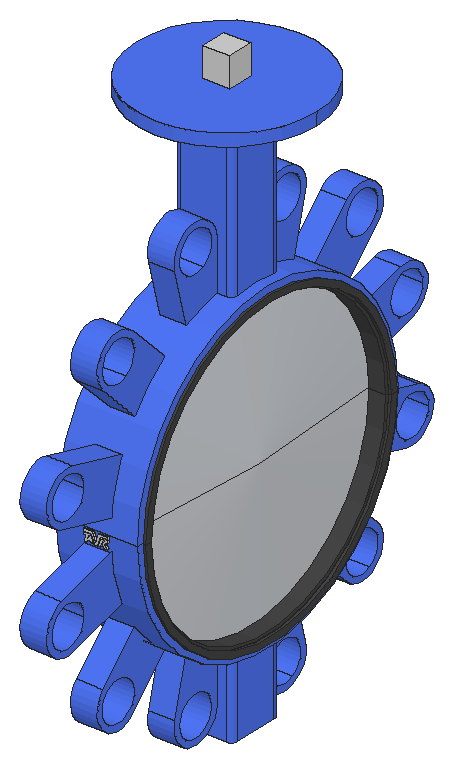
Revit family "820-10-028-DN200-300", category Pipe Accessories, Revit 2022
Family settings
  Round Connector Dimension = Use Diameter
  Part Type = Valve - Breaks Into
  Work Plane-Based = No
  Always vertical = Yes
  Cut with Voids When Loaded = No
  Shared = No
Parameters (values of type "DN250_PN10")
  fillet = 2 * Body_wallthickness  # 20 mm
  disk = LUG_T * 0.7  # 19.04 mm
  Rubber_r = (Body_wallthickness / 2) + ID  # 130 mm
  Rubber_ID = ID - 2 mm  # 123 mm
  Lug_D1 = Lug_D * 1.75  # 38.5 mm
  W2_ref = size_lookup(Search_table, "W2", 0 mm, DN)  # 279 mm
  URL product pages = "https://www.avkvalves.com/P.aspx?no=820008010521L0160002"
  Search_table = "820-10-028-DN200-300"
  PCD = size_lookup(Search_table, "PCD", 0 mm, DN) / 2  # 192.5 mm
  Lug_D = size_lookup(Search_table, "Lug_D", 0 mm, DN)  # 22 mm
  L_ref_3 = L_ref / 1.2  # 40 mm
  L_ref_2 = L_ref * 2  # 96 mm
  L_ref = L - (Flange_thickness * 2)  # 48 mm
  LUG_T = L * 0.4  # 27.2 mm
  L2 = size_lookup(Search_table, "L2", 0 mm, DN) / 2  # 201 mm
  L = size_lookup(Search_table, "L", 0 mm, DN)  # 68 mm
  ID = DN / 2  # 125 mm
  Hole_dia = size_lookup(Search_table, "Hole_dia", 0 mm, DN)  # 34 mm
  H2 = size_lookup(Search_table, "H2", 0 mm, DN)  # 199 mm
  Flange_thickness = size_lookup(Search_table, "Flange_Thickness", 0 mm, DN)  # 10 mm
  F2 = size_lookup(Search_table, "F2", 0 mm, DN)  # 24 mm
  F = size_lookup(Search_table, "F", 0 mm, DN)  # 22 mm
  EPDM = ID - 1 mm  # 124 mm
  Description_ = "AVK CENTRIC LUG BUTTERFLY VALVE, PN10/16"
  Default Elevation = 0 mm
  DN300_PN16 = "820-0300-10-521L0160002"
  DN300_PN10 = "820-0300-10-521L0030002"
  DN250_PN16 = "820-0250-10-521L0160002"
  DN250_PN10 = "820-0250-10-521L0030002"
  DN200_PN16 = "820-0200-10-521L0160002"
  DN200_PN10 = "820-0200-10-521L0030002"
  DN = 250 mm
  Cut = DN - 2 mm  # 248 mm
  Bore = DN / 2  # 125 mm
  Body_wallthickness = 10 mm  # constant formula
  Actuator_Dia = size_lookup(Search_table, "Actuator_Dia", 0 mm, DN)  # 150 mm
  3 = 3 mm  # constant formula
Types (7, lengths in mm): name | disk | Rubber_r | Rubber_ID | Lug_D1 | W2_ref | PCD | Lug_D | L_ref_3 | L_ref_2 | L_ref | LUG_T | L2 | L | ID | Hole_dia | H2 | F2 | F | EPDM | DN | Cut | Bore | Actuator_Dia
  (no name) | 19.04 | 130 | 123 | 38.5 | 279 | 192.5 | 22 | 40 | 96 | 48 | 27.2 | 201 | 68 | 125 | 34 | 199 | 24 | 22 | 124 | 250 | 248 | 125 | 150
  DN200_PN10 | 16.8 | 105 | 98 | 35 | 240 | 160 | 20 | 33.333 | 80 | 40 | 24 | 166 | 60 | 100 | 31 | 161 | 19 | 17 | 99 | 200 | 198 | 100 | 90
  DN200_PN16 | 16.8 | 105.05 | 98.05 | 35 | 240 | 160 | 20 | 33.333 | 80 | 40 | 24 | 166 | 60 | 100.05 | 31 | 161 | 19 | 17 | 99.05 | 200.1 | 198.1 | 100.05 | 90
  DN250_PN10 | 19.04 | 130 | 123 | 38.5 | 279 | 192.5 | 22 | 40 | 96 | 48 | 27.2 | 201 | 68 | 125 | 34 | 199 | 24 | 22 | 124 | 250 | 248 | 125 | 150
  DN250_PN16 | 19.04 | 130.05 | 123.05 | 38.5 | 279 | 192.5 | 22 | 40 | 96 | 48 | 27.2 | 201 | 68 | 125.05 | 34 | 199 | 24 | 22 | 124.05 | 250.1 | 248.1 | 125.05 | 150
  DN300_PN10 | 21.84 | 155 | 148 | 40.25 | 315 | 225 | 23 | 48.333 | 116 | 58 | 31.2 | 236 | 78 | 150 | 34 | 234 | 24 | 22 | 149 | 300 | 298 | 150 | 150
  DN300_PN16 | 21.84 | 155.05 | 148.05 | 40.25 | 315 | 225 | 23 | 48.333 | 116 | 58 | 31.2 | 236 | 78 | 150.05 | 34 | 234 | 24 | 22 | 149.05 | 300.1 | 298.1 | 150.05 | 150
Reference planes
  plane 1 "Center (Front/Back)": y = 0
  plane 2: z = 0
  plane 3 "Center (Left/Right)": x = 0
  plane 4: z = 279
  plane 5: z = -199
  plane 6: y = 24
  plane 7: x = -24
  plane 8: y = -24
  plane 9: x = 24
  plane 10: x = -19
  plane 11: x = 19
  plane 12: y = -19
  plane 13: y = -19
  plane 14: x = -19
  plane 15: x = 19
  plane 16: y = 19
  plane 17: y = 19
  plane 18: z = 303
  plane 19: z = 125
  plane 20: z = -125
  plane 21: y = -201
  plane 22: y = 201
  plane 23: x = -34
  plane 24: x = 34
  plane 25: x = -13.6
  plane 26: x = 13.6
  plane 27: x = -11
  plane 28: x = 11
  plane 29: through (0, 0, 0) normal (0, 0.5, 0.866)
  plane 30: through (0, 0, 0) normal (0, 0.7071, 0.7071)
  plane 31: through (0, 0, 0) normal (0, 0.866, 0.5)
  plane 32: through (0, 0, 0) normal (0, 0.5, -0.866)
  plane 33: through (0, 0, 0) normal (0, 0.7071, -0.7071)
  plane 34: through (0, 0, 0) normal (0, 0.866, -0.5)
  plane 35: through (0, 0, 0) normal (0, 0.9659, -0.2588)
  plane 36: through (0, 0, 0) normal (0, 0.2588, 0.9659)
  plane 37: through (0, 0, 0) normal (0, -0.2588, 0.9659)
  plane 38: through (0, 0, 0) normal (0, 0.9659, 0.2588)
  plane 39: through (0, 0, 0) normal (0, 0.2588, 0.9659)
  plane 40: through (0, 0, 0) normal (0, 0.7071, 0.7071)
  plane 41: through (0, 0, 0) normal (0, 0.9659, 0.2588)
  plane 42: through (0, 0, 0) normal (0, 0.2588, -0.9659)
  plane 43: through (0, 0, 0) normal (0, 0.7071, -0.7071)
  plane 44: through (0, 0, 0) normal (0, 0.9659, -0.2588)
  plane 45: through (0, 0, 0) normal (0, -0.2588, 0.9659)
  plane 46: through (0, 0, 0) normal (0, -0.7071, 0.7071)
  plane 47: through (0, 0, 0) normal (0, -0.9659, 0.2588)
  plane 48: through (0, 0, 0) normal (0, -0.2588, -0.9659)
  plane 49: through (0, 0, 0) normal (0, -0.7071, -0.7071)
  plane 50: through (0, 0, 0) normal (0, -0.9659, -0.2588)
  plane 51: x = -75
  plane 52: x = 75
Forms (mm)
  Revolve 1, solid, material "Plastic"
    sketch origin (0, 0, 0) x (1, 0, 0) y (0, 1, 0)
      loop
        line (-34, 135) -> (-34, 125) -> (34, 125) -> (34, 135) -> (-34, 135)
      axis (-34, 0) -> (34, 0)
    angle from 0 to 360
  Extrusion 2, solid, material "Plastic"
    sketch origin (0, 0, 0) x (1, 0, 0) y (0, 1, 0)
      loop
        arc (-19, 24) -> (-22.536, 22.536) -> (-24, 19) r 5
        line (-24, 19) -> (-24, -19)
        arc (-24, -19) -> (-22.536, -22.536) -> (-19, -24) r 5
        line (-19, -24) -> (19, -24)
        arc (19, -24) -> (22.536, -22.536) -> (24, -19) r 5
        line (24, -19) -> (24, 19)
        arc (24, 19) -> (22.536, 22.536) -> (19, 24) r 5
        line (19, 24) -> (-19, 24)
    from -199 to 269
  Extrusion 3, solid, material "Plastic"
    sketch origin (0, 0, 0) x (1, 0, 0) y (0, 1, 0)
      loop
        circle (0, 0) r 75
    from 269 to 279
  Extrusion 4, solid, material "Stainless Steel AISI 304"
    sketch origin (0, 0, 0) x (1, 0, 0) y (0, 1, 0)
      loop
        line (-11, 11) -> (-11, -11) -> (11, -11) -> (11, 11) -> (-11, 11)
    from 279 to 303
  Revolve 5, void
    sketch origin (0, 0, 0) x (1, 0, 0) y (0, 1, 0)
      loop
        line (-34, 125) -> (-34, 0) -> (34, 0) -> (34, 125) -> (-34, 125)
      axis (-34, 0) -> (34, 0)
    angle from 0 to 360
  Extrusion 6, solid, material "Plastic"
    sketch origin (0, 0, 0) x (0, 1, 0) y (0, 0, 1)
      loop
        line (5.694, 21.25) -> (-173.306, 69.213)
        arc (-173.306, 69.213) -> (-200.25, 53.657) -> (-184.694, 26.713) r 22
        line (-184.694, 26.713) -> (-5.694, -21.25) -> (5.694, 21.25)
      loop
        circle (-179, 47.963) r 17
    from -11 to 11
  Extrusion 7, solid, material "Plastic"
    sketch origin (0, 0, 0) x (0, 0.5, -0.866025) y (0, 0.866025, 0.5)
      loop
        line (5.694, -21.25) -> (-5.694, 21.25) -> (-178.595, -25.078)
        arc (-178.595, -25.078) -> (-194.151, -52.023) -> (-167.207, -67.579) r 22
        line (-167.207, -67.579) -> (5.694, -21.25)
      loop
        circle (-172.901, -46.329) r 17
    from -11 to 11
  Extrusion 8, solid, material "Plastic"
    sketch origin (0, 0, 0) x (0, 0.5, -0.866025) y (0, 0.866025, 0.5)
      loop
        line (5.694, 21.25) -> (-167.207, 67.579)
        arc (-167.207, 67.579) -> (-194.151, 52.023) -> (-178.595, 25.078) r 22
        line (-178.595, 25.078) -> (-5.694, -21.25) -> (5.694, 21.25)
      loop
        circle (-172.901, 46.329) r 17
    from -11 to 11
  Extrusion 9, solid, material "Plastic"
    sketch origin (0, 0, 0) x (0, -1, 0) y (0, 0, -1)
      loop
        line (5.694, -21.25) -> (-5.694, 21.25) -> (-178.595, -25.078)
        arc (-178.595, -25.078) -> (-194.151, -52.023) -> (-167.207, -67.579) r 22
        line (-167.207, -67.579) -> (5.694, -21.25)
      loop
        circle (-172.901, -46.329) r 17
    from -11 to 11
  Extrusion 10, solid, material "Plastic"
    sketch origin (0, 0, 0) x (0, -0.5, -0.866025) y (0, 0.866025, -0.5)
      loop
        line (5.694, 21.25) -> (-167.207, 67.579)
        arc (-167.207, 67.579) -> (-194.151, 52.023) -> (-178.595, 25.078) r 22
        line (-178.595, 25.078) -> (-5.694, -21.25) -> (5.694, 21.25)
      loop
        circle (-172.901, 46.329) r 17
    from -11 to 11
  Extrusion 11, solid, material "Plastic"
    sketch origin (0, 0, 0) x (0, -0.5, -0.866025) y (0, 0.866025, -0.5)
      loop
        line (5.694, -21.25) -> (-5.694, 21.25) -> (-178.595, -25.078)
        arc (-178.595, -25.078) -> (-194.151, -52.023) -> (-167.207, -67.579) r 22
        line (-167.207, -67.579) -> (5.694, -21.25)
      loop
        circle (-172.901, -46.329) r 17
    from -11 to 11
  Extrusion 12, solid, material "Plastic"
    sketch origin (0, 0, 0) x (0, 1, 0) y (0, 0, 1)
      loop
        line (5.694, -21.25) -> (-5.694, 21.25) -> (-184.694, -26.713)
        arc (-184.694, -26.713) -> (-200.25, -53.657) -> (-173.306, -69.213) r 22
        line (-173.306, -69.213) -> (5.694, -21.25)
      loop
        circle (-179, -47.963) r 17
    from -11 to 11
  Extrusion 13, solid, material "Plastic"
    sketch origin (0, 0, 0) x (0, 0.5, 0.866025) y (0, -0.866025, 0.5)
      loop
        line (5.694, 21.25) -> (-167.207, 67.579)
        arc (-167.207, 67.579) -> (-194.151, 52.023) -> (-178.595, 25.078) r 22
        line (-178.595, 25.078) -> (-5.694, -21.25) -> (5.694, 21.25)
      loop
        circle (-172.901, 46.329) r 17
    from -11 to 11
  Extrusion 14, solid, material "Plastic"
    sketch origin (0, 0, 0) x (0, 0.5, 0.866025) y (0, -0.866025, 0.5)
      loop
        line (5.694, -21.25) -> (-5.694, 21.25) -> (-178.595, -25.078)
        arc (-178.595, -25.078) -> (-194.151, -52.023) -> (-167.207, -67.579) r 22
        line (-167.207, -67.579) -> (5.694, -21.25)
      loop
        circle (-172.901, -46.329) r 17
    from -11 to 11
  Extrusion 15, solid, material "Plastic"
    sketch origin (0, 0, 0) x (0, -1, 0) y (0, 0, -1)
      loop
        line (5.694, 21.25) -> (-173.306, 69.213)
        arc (-173.306, 69.213) -> (-200.25, 53.657) -> (-184.694, 26.713) r 22
        line (-184.694, 26.713) -> (-5.694, -21.25) -> (5.694, 21.25)
      loop
        circle (-179, 47.963) r 17
    from -11 to 11
  Extrusion 16, solid, material "Plastic"
    sketch origin (0, 0, 0) x (0, -0.5, 0.866025) y (0, -0.866025, -0.5)
      loop
        line (5.694, -21.25) -> (-5.694, 21.25) -> (-178.595, -25.078)
        arc (-178.595, -25.078) -> (-194.151, -52.023) -> (-167.207, -67.579) r 22
        line (-167.207, -67.579) -> (5.694, -21.25)
      loop
        circle (-172.901, -46.329) r 17
    from -11 to 11
  Extrusion 17, solid, material "Plastic"
    sketch origin (0, 0, 0) x (0, -0.5, 0.866025) y (0, -0.866025, -0.5)
      loop
        line (5.694, 21.25) -> (-167.207, 67.579)
        arc (-167.207, 67.579) -> (-194.151, 52.023) -> (-178.595, 25.078) r 22
        line (-178.595, 25.078) -> (-5.694, -21.25) -> (5.694, 21.25)
      loop
        circle (-172.901, 46.329) r 17
    from -11 to 11
  Extrusion 18, void
    sketch origin (0, 0, 0) x (0, -1, 0) y (0, 0, 1)
      loop
        circle (0, 0) r 124
    from -34 to 34
  Revolve 19, solid
    sketch origin (0, 0, 0) x (1, 0, 0) y (0, 1, 0)
      loop
        line (-27.2, 0) -> (27.2, 0)
        arc (27.2, 0) -> (25.799, 62.675) -> (19.04, 125) r 732.011
        line (19.04, 125) -> (-19.04, 125)
        arc (-19.04, 125) -> (-25.799, 62.675) -> (-27.2, 0) r 732.011
      axis (-27.2, 0) -> (27.2, 0)
    angle from 0 to 360
  Revolve 20, solid, material "Default Wall"
    sketch origin (0, 0, 0) x (1, 0, 0) y (0, 1, 0)
      loop
        line (-34, 125) -> (-34, 123) -> (34, 123) -> (34, 125) -> (-34, 125)
      axis (-34, 0) -> (34, 0)
    angle from 0 to 360
  Revolve 21, solid, material "Default Wall"
    sketch origin (0, 0, 0) x (1, 0, 0) y (0, 1, 0)
      loop
        line (-37, 130) -> (-37, 125) -> (-34, 125) -> (-34, 130) -> (-37, 130)
      loop
        line (37, 130) -> (34, 130) -> (34, 125) -> (37, 125) -> (37, 130)
      axis (-37, 0) -> (37, 0)
    angle from 0 to 360
Cuts and joins
  Revolve 5 cuts Revolve 1
  Revolve 5 cuts Extrusion 2
  Extrusion 18 cuts Extrusion 6
  Extrusion 18 cuts Extrusion 7
  Extrusion 18 cuts Extrusion 8
  Extrusion 18 cuts Extrusion 9
  Extrusion 18 cuts Extrusion 10
  Extrusion 18 cuts Extrusion 11
  Extrusion 18 cuts Extrusion 12
  Extrusion 18 cuts Extrusion 13
  Extrusion 18 cuts Extrusion 14
  Extrusion 18 cuts Extrusion 15
  Extrusion 18 cuts Extrusion 16
  Extrusion 18 cuts Extrusion 17
Dimensions and locks
  equal spacing: Revolve 1 sketch curve, plane 3 "Center (Left/Right)", Revolve 1 sketch curve
  "ID": plane 1 "Center (Front/Back)" to Revolve 1 sketch curve
  "Body_wallthickness": Revolve 1 sketch curve to Revolve 1 sketch curve
  "W2_ref": plane 4 to level
  "H2": level to plane 5
  locked: plane 7 to plane 10 at 5
  locked: plane 11 to plane 9 at 5
  locked: plane 6 to plane 16 at 5
  locked: plane 12 to plane 8 at 5
  locked: plane 15 to plane 9 at 5
  locked: plane 7 to plane 14 at 5
  locked: plane 13 to plane 8 at 5
  locked: plane 17 to plane 6 at 5
  equal spacing: plane 7, plane 3 "Center (Left/Right)", plane 9
  "L_ref": plane 7 to plane 9
  equal spacing: plane 6, plane 1 "Center (Front/Back)", plane 8
  "L_ref": plane 6 to plane 8
  "Flange_thickness": plane 4 to Extrusion 3
  "F2": plane 18 to plane 4
  equal spacing: plane 19, level, plane 20
  "ID": plane 19 to level
  equal spacing: plane 22, plane 1 "Center (Front/Back)", plane 21
  plane 18 to plane 4 = 24 mm
  equal spacing: Extrusion 4 sketch curve, plane 3 "Center (Left/Right)", Extrusion 4 sketch curve
  equal spacing: Extrusion 4 sketch curve, plane 1 "Center (Front/Back)", Extrusion 4 sketch curve
  "F": Extrusion 4 sketch curve to Extrusion 4 sketch curve  (x2)
  equal spacing: plane 24, plane 3 "Center (Left/Right)", plane 23
  "L": plane 24 to plane 23
  equal spacing: Revolve 5 sketch curve, plane 3 "Center (Left/Right)", Revolve 5 sketch curve
  "L": Revolve 5 sketch curve to Revolve 5 sketch curve
  "ID": plane 1 "Center (Front/Back)" to Revolve 5 sketch curve
  "L": Revolve 1 sketch curve to Revolve 1 sketch curve
  "Flange_thickness": plane 4 to cut or joined group of Extrusion 2, Revolve 5
  equal spacing: plane 23, Extrusion 3 sketch curve, plane 24
  equal spacing: plane 21, Extrusion 3 sketch curve, plane 22
  equal spacing: plane 26, plane 3 "Center (Left/Right)", plane 25
  "LUG_T": plane 26 to plane 25
  equal spacing: plane 24, nested 1, plane 23
  plane 24 to plane 23 = 68 mm
  equal spacing: plane 28, plane 3 "Center (Left/Right)", plane 27
  "F": plane 28 to plane 27
  "Lug_D": Extrusion 6 sketch curve to plane 36
  "L2": plane 1 "Center (Front/Back)" to Extrusion 6 sketch curve
  equal spacing: Extrusion 6 sketch curve, plane 39, Extrusion 6 sketch curve  (x2)
  equal spacing: Extrusion 7 sketch curve, plane 40, Extrusion 7 sketch curve  (x2)
  "Lug_D": plane 40 to Extrusion 7 sketch curve
  "L2": Extrusion 7 sketch curve to plane 33
  equal spacing: Extrusion 8 sketch curve, plane 41, Extrusion 8 sketch curve  (x2)
  "Lug_D": plane 41 to Extrusion 8 sketch curve
  "L2": plane 37 to Extrusion 8 sketch curve
  equal spacing: Extrusion 9 sketch curve, plane 42, Extrusion 9 sketch curve  (x2)
  equal spacing: Extrusion 10 sketch curve, plane 43, Extrusion 10 sketch curve  (x2)
  "Lug_D": plane 43 to Extrusion 10 sketch curve
  equal spacing: Extrusion 11 sketch curve, plane 44, Extrusion 11 sketch curve  (x2)
  "Lug_D": plane 44 to Extrusion 11 sketch curve
  "L2": Extrusion 11 sketch curve to plane 36
  "L2": Extrusion 10 sketch curve to plane 30
  "Lug_D": Extrusion 9 sketch curve to plane 42
  "L2": Extrusion 9 sketch curve to plane 38
  equal spacing: Extrusion 12 sketch curve, plane 45, Extrusion 12 sketch curve  (x2)
  equal spacing: Extrusion 13 sketch curve, plane 46, Extrusion 13 sketch curve  (x2)
  "Lug_D": plane 46 to Extrusion 13 sketch curve
  equal spacing: Extrusion 14 sketch curve, plane 47, Extrusion 14 sketch curve  (x2)
  "Lug_D": plane 47 to Extrusion 14 sketch curve
  equal spacing: Extrusion 15 sketch curve, plane 48, Extrusion 15 sketch curve  (x2)
  equal spacing: Extrusion 16 sketch curve, plane 49, Extrusion 16 sketch curve  (x2)
  "Lug_D": plane 49 to Extrusion 16 sketch curve
  equal spacing: Extrusion 17 sketch curve, plane 50, Extrusion 17 sketch curve  (x2)
  "Lug_D": plane 50 to Extrusion 17 sketch curve
  "Lug_D": Extrusion 15 sketch curve to plane 48
  "L2": Extrusion 15 sketch curve to plane 1 "Center (Front/Back)"
  "Lug_D": plane 45 to Extrusion 12 sketch curve
  "L2": plane 1 "Center (Front/Back)" to Extrusion 12 sketch curve
  "L2": plane 30 to Extrusion 13 sketch curve
  "L2": plane 36 to Extrusion 14 sketch curve
  "L2": Extrusion 17 sketch curve to plane 37
  "L2": plane 33 to Extrusion 16 sketch curve
  equal spacing: Extrusion 18 sketch curve, plane 1 "Center (Front/Back)", Extrusion 18 sketch curve
  equal spacing: Extrusion 18 sketch curve, level, Extrusion 18 sketch curve
  "LUG_T": Revolve 19 sketch curve to plane 3 "Center (Left/Right)"
  equal spacing: Revolve 19 sketch curve, plane 3 "Center (Left/Right)", Revolve 19 sketch curve  (x2)
  "disk": Revolve 19 sketch curve to plane 3 "Center (Left/Right)"
  "Bore": plane 1 "Center (Front/Back)" to Revolve 19 sketch curve
  plane 22 to plane 21 = 402 mm
  "L2": plane 1 "Center (Front/Back)" to plane 21
  equal spacing: cut or joined group of Extrusion 12, Extrusion 18, plane 3 "Center (Left/Right)", cut or joined group of Extrusion 12, Extrusion 18
  equal spacing: cut or joined group of Extrusion 13, Extrusion 18, plane 3 "Center (Left/Right)", cut or joined group of Extrusion 13, Extrusion 18
  equal spacing: cut or joined group of Extrusion 7, Extrusion 18, plane 3 "Center (Left/Right)", cut or joined group of Extrusion 7, Extrusion 18
  equal spacing: cut or joined group of Extrusion 8, Extrusion 18, plane 3 "Center (Left/Right)", cut or joined group of Extrusion 8, Extrusion 18
  equal spacing: cut or joined group of Extrusion 11, Extrusion 18, plane 3 "Center (Left/Right)", cut or joined group of Extrusion 11, Extrusion 18
  equal spacing: cut or joined group of Extrusion 10, Extrusion 18, plane 3 "Center (Left/Right)", cut or joined group of Extrusion 10, Extrusion 18
  equal spacing: cut or joined group of Extrusion 9, Extrusion 18, plane 3 "Center (Left/Right)", cut or joined group of Extrusion 9, Extrusion 18
  equal spacing: cut or joined group of Extrusion 15, Extrusion 18, plane 3 "Center (Left/Right)", cut or joined group of Extrusion 15, Extrusion 18
  equal spacing: cut or joined group of Extrusion 16, Extrusion 18, plane 3 "Center (Left/Right)", cut or joined group of Extrusion 16, Extrusion 18
  equal spacing: cut or joined group of Extrusion 14, Extrusion 18, plane 3 "Center (Left/Right)", cut or joined group of Extrusion 14, Extrusion 18
  equal spacing: cut or joined group of Extrusion 17, Extrusion 18, plane 3 "Center (Left/Right)", cut or joined group of Extrusion 17, Extrusion 18
  equal spacing: Revolve 20 sketch curve, plane 3 "Center (Left/Right)", Revolve 20 sketch curve
  "Rubber_ID": plane 1 "Center (Front/Back)" to Revolve 20 sketch curve
  "ID": plane 1 "Center (Front/Back)" to Revolve 20 sketch curve
  equal spacing: Revolve 21 sketch curve, plane 3 "Center (Left/Right)", Revolve 21 sketch curve  (x2)
  "ID": plane 1 "Center (Front/Back)" to Revolve 21 sketch curve
  "3": Revolve 21 sketch curve to plane 23
  "Rubber_r": plane 1 "Center (Front/Back)" to Revolve 21 sketch curve
  "Actuator_Dia": plane 52 to plane 51
  equal spacing: plane 52, plane 3 "Center (Left/Right)", plane 51
  "Actuator_Dia": diameter of Extrusion 3 sketch curve
  "Cut": diameter of Extrusion 18 sketch curve
  "Hole_dia": diameter of Extrusion 8 sketch curve
  "Hole_dia": diameter of Extrusion 11 sketch curve
  "Hole_dia": diameter of Extrusion 10 sketch curve
  "Hole_dia": diameter of Extrusion 9 sketch curve
  "Hole_dia": diameter of Extrusion 7 sketch curve
  "Hole_dia": diameter of Extrusion 6 sketch curve
  "Hole_dia": diameter of Extrusion 12 sketch curve
  "Hole_dia": diameter of Extrusion 13 sketch curve
  "Hole_dia": diameter of Extrusion 14 sketch curve
  "Hole_dia": diameter of Extrusion 17 sketch curve
  "Hole_dia": diameter of Extrusion 16 sketch curve
  "Hole_dia": diameter of Extrusion 15 sketch curve
  angle level to plane 29 = 30.00°
  angle level to plane 30 = 45.00°
  angle level to plane 31 = 60.00°
  angle plane 32 to level = 30.00°
  angle plane 33 to level = 45.00°
  angle plane 34 to level = 60.00°
  angle plane 35 to level = 75.00°
  angle plane 37 to level = 15.00°
  angle level to plane 36 = 15.00°
  angle level to plane 38 = 75.00°
  angle level to plane 39 = 15.00°
  angle level to plane 40 = 45.00°
  angle level to plane 41 = 75.00°
  angle plane 44 to level = 75.00°
  angle plane 43 to level = 45.00°
  angle plane 45 to level = 15.00°
  angle plane 46 to level = 45.00°
  angle plane 47 to level = 75.00°
  angle plane 50 to level = 105.00°
  angle level to plane 49 = 45.00°
  angle level to plane 48 = 15.00°
  aligned and locked: level to plane 2
  aligned and locked: plane 1 "Center (Front/Back)" to Revolve 1 sketch curve
  aligned and locked: plane 11 to Extrusion 2 sketch curve
  aligned and locked: plane 6 to Extrusion 2 sketch curve  (x2)
  aligned and locked: plane 16 to Extrusion 2 sketch curve
  aligned and locked: plane 9 to Extrusion 2 sketch curve  (x2)
  aligned and locked: plane 12 to Extrusion 2 sketch curve
  aligned and locked: plane 8 to Extrusion 2 sketch curve  (x2)
  aligned and locked: plane 15 to Extrusion 2 sketch curve
  aligned and locked: plane 14 to Extrusion 2 sketch curve
  aligned and locked: plane 7 to Extrusion 2 sketch curve  (x2)
  aligned and locked: plane 13 to Extrusion 2 sketch curve
  aligned and locked: plane 17 to Extrusion 2 sketch curve
  aligned and locked: plane 10 to Extrusion 2 sketch curve
  aligned and locked: Extrusion 2 to plane 5
  aligned and locked: Extrusion 3 to plane 4
  aligned and locked: plane 18 to Extrusion 4
  aligned and locked: plane 4 to Extrusion 4
  aligned and locked: Revolve 5 sketch curve to plane 1 "Center (Front/Back)"
  aligned and locked: plane 1 "Center (Front/Back)" to Revolve 5 sketch curve
  aligned and locked: Extrusion 6 to plane 27
  aligned and locked: Extrusion 6 to plane 28
  aligned and locked: Extrusion 18 to plane 23
  aligned and locked: plane 1 "Center (Front/Back)" to Revolve 19 sketch curve  (x2)
  aligned and locked: plane 24 to Extrusion 18
  aligned and locked: cut or joined group of Extrusion 12, Extrusion 18 to plane 28
  aligned and locked: cut or joined group of Extrusion 13, Extrusion 18 to plane 28
  aligned and locked: cut or joined group of Extrusion 7, Extrusion 18 to plane 27
  aligned and locked: cut or joined group of Extrusion 8, Extrusion 18 to plane 27
  aligned and locked: cut or joined group of Extrusion 11, Extrusion 18 to plane 27
  aligned and locked: cut or joined group of Extrusion 10, Extrusion 18 to plane 27
  aligned and locked: cut or joined group of Extrusion 9, Extrusion 18 to plane 28
  aligned and locked: cut or joined group of Extrusion 15, Extrusion 18 to plane 28
  aligned and locked: cut or joined group of Extrusion 16, Extrusion 18 to plane 28
  aligned and locked: cut or joined group of Extrusion 14, Extrusion 18 to plane 28
  aligned and locked: cut or joined group of Extrusion 17, Extrusion 18 to plane 27
  aligned and locked: plane 23 to Revolve 20 sketch curve
  aligned and locked: plane 1 "Center (Front/Back)" to Revolve 20 sketch curve
  aligned and locked: Revolve 21 sketch curve to Revolve 21 sketch curve  (x2)
  aligned and locked: Revolve 21 sketch curve to plane 23
  aligned and locked: plane 1 "Center (Front/Back)" to Revolve 21 sketch curve
Automatic sketch dimensions
  Revolve 1 sketch curve to plane 23 = 0 mm
  Revolve 1 sketch curve to plane 24 = 0 mm
  Revolve 5 sketch curve to plane 51 = 55.367 mm
  Revolve 5 sketch curve to plane 52 = 79.367 mm
  Extrusion 6 sketch curve to Extrusion 6 sketch curve = 0 mm
  plane 35 to Extrusion 6 sketch curve = 0 mm
  Extrusion 7 sketch curve to Extrusion 7 sketch curve = 0 mm
  Extrusion 7 sketch curve to plane 33 = 0 mm
  Extrusion 8 sketch curve to Extrusion 8 sketch curve = 0 mm
  plane 37 to Extrusion 8 sketch curve = 0 mm
  Extrusion 9 sketch curve to Extrusion 9 sketch curve = 0 mm
  Extrusion 9 sketch curve to plane 38 = 0 mm
  Extrusion 10 sketch curve to Extrusion 10 sketch curve = 0 mm
  Extrusion 10 sketch curve to plane 30 = 0 mm
  Extrusion 11 sketch curve to Extrusion 11 sketch curve = 0 mm
  Extrusion 11 sketch curve to plane 36 = 0 mm
  Extrusion 12 sketch curve to Extrusion 12 sketch curve = 0 mm
  Extrusion 12 sketch curve to plane 38 = 0 mm
  Extrusion 13 sketch curve to Extrusion 13 sketch curve = 0 mm
  Extrusion 13 sketch curve to plane 30 = 0 mm
  Extrusion 14 sketch curve to Extrusion 14 sketch curve = 0 mm
  Extrusion 14 sketch curve to plane 36 = 0 mm
  Extrusion 15 sketch curve to Extrusion 15 sketch curve = 0 mm
  plane 35 to Extrusion 15 sketch curve = 0 mm
  Extrusion 16 sketch curve to Extrusion 16 sketch curve = 0 mm
  Extrusion 16 sketch curve to plane 33 = 0 mm
  Extrusion 17 sketch curve to Extrusion 17 sketch curve = 0 mm
  plane 37 to Extrusion 17 sketch curve = 0 mm
  Revolve 19 sketch curve to plane 1 "Center (Front/Back)" = 14.991 mm  (x2)
  Revolve 19 sketch curve to plane 51 = 17.607 mm
  Revolve 19 sketch curve to plane 52 = 30.127 mm
  plane 51 to Revolve 20 sketch curve = 2.67 mm
  plane 52 to Revolve 20 sketch curve = 0.999 mm
  Revolve 21 sketch curve to plane 51 = 75.977 mm
  Revolve 21 sketch curve to plane 52 = 25.777 mm
Nested families
  nested 1: "Latest New 3" at (0, -134.62, -10.12) x (1, 0, 0) z (0, -0.9972, -0.075), type "Latest New 3"
Connectors
  piping at (34, 0, 0), diameter 250, driven by "DN"
    settings: on Revolve 1, index 1, connector inside diameter 609.6 mm, connector length 0 mm, flow factor 0, pipe flow 0.0 L/s, pressure drop 0.0 Pa, fitting loss kfactor 0, connector angle 0.00°, fixture units 0, engagement length 0 mm, angle of deflection 0.00°, flow configuration 0, flow direction 0, fitting loss method 0, system type 7, joint type 0, gender type 0, connector reference index -1, connector utility 0, adjustable connector no, is connector primary yes, connector description ""
  piping at (-34, 0, 0), diameter 250, driven by "DN"
    settings: on cut or joined group of Revolve 1, Revolve 5, index 2, connector inside diameter 609.6 mm, connector length 0 mm, flow factor 0, pipe flow 0.0 L/s, pressure drop 0.0 Pa, fitting loss kfactor 0, connector angle 0.00°, fixture units 0, engagement length 0 mm, angle of deflection 0.00°, flow configuration 0, flow direction 0, fitting loss method 0, system type 7, joint type 0, gender type 0, connector reference index -1, connector utility 0, adjustable connector no, is connector primary no, connector description ""
Definition of nested family "Latest New 3"
  Parameters
    Default Elevation = 1219.2 mm
  Reference planes
    plane 1 "Center (Front/Back)": y = 0
    plane 2: z = 0
    plane 3 "Center (Left/Right)": x = 0
  Forms (mm)
    Extrusion 1, solid
      sketch origin (0, 0, 0) x (1, 0, 0) y (0, 1, 0)
        loop
          line (-1219.2, 1219.2) -> (-1219.2, -1219.2) -> (1219.2, -1219.2) -> (1219.2, 1219.2) -> (-1219.2, 1219.2)
      from 0 to -304.8
    Extrusion 2, solid
      sketch origin (0, 0, 0) x (1, 0, 0) y (0, 1, 0)
        loop
          line (-2.683, 9.413) -> (-9.884, 9.413) -> (-9.884, 7.46) -> (-4.022, 7.46) -> (-0.985, 0) -> (0.985, 0) -> (4.022, 7.46) -> (9.884, 7.46) -> (9.884, 9.413) -> (2.683, 9.413) -> (0, 2.824) -> (-2.683, 9.413)
        loop
          line (-4.528, 6.707) -> (-9.884, 6.707) -> (-9.884, 4.824) -> (-8.032, 4.824) -> (-9.884, 0) -> (-7.792, 0) -> (-7.394, 1.035) -> (-4.328, 1.035) -> (-3.907, 0) -> (-1.798, 0) -> (-4.528, 6.707)
        loop
          line (-6.91, 2.824) -> (-5.056, 2.824) -> (-6.01, 5.167) -> (-6.91, 2.824)
        loop
          line (1.798, 0) -> (3.907, 0) -> (4.98, 2.637) -> (6.968, 0) -> (9.413, 0) -> (7.166, 2.983)
          arc (7.166, 2.983) -> (8.216, 3.774) -> (9.007, 4.824) r 4.724
          line (9.007, 4.824) -> (9.884, 4.824) -> (9.884, 6.707) -> (8.001, 6.707)
          arc (8.001, 6.707) -> (7.315, 5.008) -> (5.642, 4.261) r 2.448
          line (5.642, 4.261) -> (6.637, 6.707) -> (4.528, 6.707) -> (1.798, 0)
      from 0 to 1
  Dimensions and locks
    aligned and locked: plane 2 to Extrusion 1
    aligned and locked: level to Extrusion 1
    aligned and locked: Extrusion 2 sketch curve to import instance  (x30)
